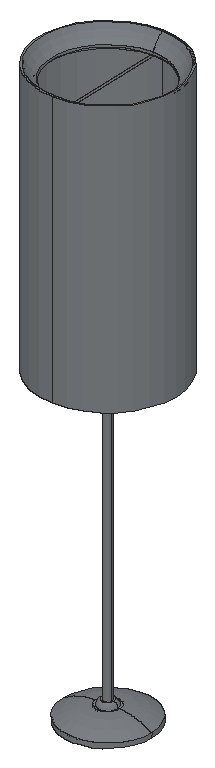
Revit family "LCC8LED-Pendant", category Lighting Fixtures, host Face, Revit 2012
Parameters (values of type "LCC8LED-Zet")
  Wattage Comments = ""  # constant formula
  Voltage = 120 V
  URL = "http://www.prescolite.com/"
  Product Page URL = ""
  Product Documentation Link = ""
  Photometric Web = Web LCC8LED : LCC8LEDS10L30K8WFL45
  Model = "LCC8LED"  # constant formula
  Manufacturer Phone = "864-678-1000"  # constant formula
  Manufacturer Fax = "866-898-0131"  # constant formula
  Manufacturer = "Prescolite"  # constant formula
  Load Classification = Lighting
  Length = 34.875"
  Lamp = "LED Lamp"
  Glass = Hubbell - White Glass
  Description = "8in LED Pendant Mount Cylinder"  # constant formula
  Default Elevation = 48.000"
  Backbox = Hubbell - Zet
  Apparent Load = 0 VA
Types (5): name | Photometric Web | Length | Backbox
  LCC8LED-Matte White | Web LCC8LED : LCC8LEDS10L30K8WFL45 | 34.875" | Hubbell - Matt White
  LCC8LED-Matte Black | Web LCC8LED : LCC8LEDS18L30K8WFL45 | 36.000" | Hubbell - Matte Black
  LCC8LED-Bronze | Web LCC8LED : LCC8LEDS10L30K8WFL45 | 34.875" | Hubbell - Bronze
  LCC8LED-Brushed Aluminium | Web LCC8LED : LCC8LEDS10L30K8WFL45 | 34.875" | Hubbell - Brushed Aluminum
  LCC8LED-Zet | Web LCC8LED : LCC8LEDS10L30K8WFL45 | 34.875" | Hubbell - Zet
Reference planes (in)
  plane 1 "Center (Front/Back)": y = 0.03999
  plane 2: z = 0
  plane 3 "Center (Left/Right)": x = -11.37583
  plane 4: z = 18.625
  plane 5: x = -7.31335
  plane 6: x = -14.00083
  plane 7: x = -8.75083
  plane 8: z = 34.875
  plane 9: x = -15.43832
Forms (in)
  Revolve 1, solid, material "Hubbell - Zet" <- "Backbox"
    sketch origin (0, 0.03999, 0) x (1, 0, 0) y (0, 0, 1)
      loop
        line (-11.37583, 0) -> (-11.37583, 1.1426) -> (-11.75412, 1.1426)
        arc (-11.75412, 1.1426) -> (-11.881, 1.01772) -> (-11.94926, 0.85331) r 0.44825
        line (-11.94926, 0.85331) -> (-12.09302, 0.85331)
        arc (-12.09302, 0.85331) -> (-13.08719, 0.71037) -> (-14.00083, 0.29316) r 3.52899
        line (-14.00083, 0.29316) -> (-14.00083, 0) -> (-11.37583, 0)
      axis (-11.37583, 1.1426) -> (-11.37583, 0)
    angle from 0 to 360
  Revolve 2, solid, material "Hubbell - Zet" <- "Backbox"
    sketch origin (0, 0.03999, 0) x (1, 0, 0) y (0, 0, 1)
      loop
        line (-11.37583, 1.1426) -> (-11.37583, 18.53257) -> (-11.60104, 18.53257) -> (-11.60104, 1.1426) -> (-11.37583, 1.1426)
      axis (-11.37583, 18.53257) -> (-11.37583, 1.1426)
    angle from 0 to 360
Lines and regions (in)
  reference lines
    curve 1: line (-17.26819, 0.03999, 0.29316) -> (-4.45571, 0.03999, 0.29316)
    curve 2: line (-17.26819, 0.03999, 1.1426) -> (-4.45571, 0.03999, 1.1426)
Dimensions and locks (in)
  equal spacing: plane 7, plane 3 "Center (Left/Right)", plane 6
  plane 7 to plane 6 = 5.250"
  "Length": plane 8 to host face
  plane 8 to plane 4 to host face = 16.250", 18.625"
  plane 9 to plane 5 = 8.12497"
  aligned and locked: host face to plane 2
  aligned and locked: level to host face
  aligned and locked: Revolve 1 sketch curve to plane 3 "Center (Left/Right)"  (x2)
  aligned and locked: Revolve 2 sketch curve to plane 3 "Center (Left/Right)"  (x2)
  aligned and locked: plane 6 to Revolve 1 sketch curve
  aligned and locked: plane 2 to Revolve 1 sketch curve
  aligned and locked: plane 3 "Center (Left/Right)" to nested 1
  aligned and locked: nested 1 to plane 1 "Center (Front/Back)"
  aligned and locked: plane 8 to nested 1
  aligned and locked: nested 2 to plane 3 "Center (Left/Right)"
  aligned and locked: nested 2 to plane 1 "Center (Front/Back)"
Automatic sketch dimensions
  host sketch curve to host sketch curve = 86.64098"
  host sketch curve to host sketch curve = 96.000"
  Revolve 2 sketch curve to level = 6.34243"
  Revolve 2 sketch curve to plane 4 = 2.15757"
  level to curve 2 = 1.1426"
  level to curve 1 = 0.29316"
  curve 2 to curve 1 = 0.000"  (x2)
  plane 5 to curve 2 = 2.85764"
  Revolve 1 sketch curve to plane 3 "Center (Left/Right)" = 0.71719"
  Revolve 1 sketch curve to Revolve 1 sketch curve = 0.14376"
  Revolve 1 sketch curve to Revolve 1 sketch curve = 0.19513"
  Revolve 1 sketch curve to plane 3 "Center (Left/Right)" = 0.13354"
  Revolve 1 sketch curve to level = 2.67569"
  Revolve 1 sketch curve to level = 0.50493"
  level to Revolve 1 sketch curve = 0.29316"
  Revolve 1 sketch curve to Revolve 1 sketch curve = 0.08624"
  Revolve 1 sketch curve to plane 4 = 0.8057"
  plane 4 to Revolve 2 sketch curve = 0.09243"
  Revolve 2 sketch curve to Revolve 2 sketch curve = 0.22521"
  level to Revolve 2 sketch curve = 1.1426"
  plane 9 to curve 1 = 1.82987"
Nested families (in)
  nested 1: "LCC8LED Retrofit" at (-11.33584, 11.41582, 18.53257) x (0, 1, 0) z (0, 0, 1), type "LCC8LED"
  nested 2: "Web LCC8LED" at (-11.61479, 0.07998, 33.8946) x (-1, 0, 0) z (0, 0, 1), type <- "Photometric Web", type "LCC8LEDS10L30K8WFL45"
Connectors (in)
  electrical at (-11.37583, 0.03999, 0), driven by "Voltage", driven by "Apparent Load", driven by "Load Classification"
    settings: on Revolve 1, index 1, voltage 120 V, apparent load 0 VA, apparent load phase1 0 VA, apparent load phase2 0 VA, apparent load phase3 0 VA, power factor 1, load classification "Lighting", number of poles 1, system type 30, power factor state 1, is connector primary yes, connector utility no, sub classification motor no, connector description "Lighting Conector"
Definition of nested family "LCC8LED Retrofit"
  Parameters (values of type "LCC8LED")
    Wattage Comments = "40W"
    Voltage = if(Is 120V, 120 V, 277 V)  # 120 V
    URL = "http://www.prescolite.com/"
    Product Page URL = ""
    Product Documentation Link = ""
    Model = "LCC8LED"  # constant formula
    Manufacturer Phone = "864-678-1000"  # constant formula
    Manufacturer Fax = "866-898-0131"  # constant formula
    Manufacturer = "Prescolite"  # constant formula
    Load Classification = Lighting
    Length = 36.000"
    Lamp = "LED Lamp"
    Is 277V = not(Is 120V)  # no
    Is 120V = yes
    Glass = Hubbell - Glass
    Description = "8 inch LED Pendant Mount Cylinder"  # constant formula
    Default Elevation = 48.000"
    Backbox = none
    Apparent Load = 40 VA
  Reference planes (in)
    plane 1 "Center (Front/Back)": y = 0.03999
    plane 2: z = 0
    plane 3 "Center (Left/Right)": x = -11.37583
    plane 4: z = 16.34243
    plane 5: z = 0.09243
    plane 6: x = -7.41333
    plane 7: x = -15.33833
    plane 8: z = 0.62135
    plane 9: x = -14.27583
    plane 10: x = -7.31333
    plane 11: x = -15.43833
  Forms (in)
    Extrusion 1, solid
      sketch origin (-7.08271, 0, 0.99853) x (1, 0, 0) y (0, 1, 0)
        loop
          line (-48, 48) -> (-48, -48) -> (48, -48) -> (48, 48) -> (-48, 48)
      from -0.99853 to -6.99853
    Revolve 2, solid, material <- "Backbox"
      sketch origin (0, 0.03999, -20.65757) x (1, 0, 0) y (0, 0, 1)
        loop
          line (-15.43833, 37) -> (-15.43833, 20.75) -> (-11.60104, 20.75) -> (-11.60104, 20.65757) -> (-11.37583, 20.65757) -> (-11.37583, 21.27892) -> (-15.33833, 21.27892) -> (-15.33833, 36.77135)
          arc (-15.33833, 36.77135) -> (-15.10872, 36.42214) -> (-14.82037, 36.1196) r 2.32841
          line (-14.82037, 36.1196) -> (-14.94477, 36.1196) -> (-14.94477, 35.85125) -> (-14.84477, 35.85125) -> (-14.84477, 36.0196) -> (-14.68833, 36.0196) -> (-14.68833, 36.1391)
          arc (-14.68833, 36.1391) -> (-15.06554, 36.52973) -> (-15.33707, 37) r 2.22841
          line (-15.33707, 37) -> (-15.43833, 37)
        axis (-11.37583, 37) -> (-11.37583, 20.65757)
      angle from 0 to 360
    Revolve 3, solid, material "Hubbell - Glass" <- "Glass"
      sketch origin (0, 0.03999, -20.65757) x (1, 0, 0) y (0, 0, 1)
        loop
          line (-14.84624, 36.0196) -> (-14.84624, 35.85125) -> (-11.37583, 35.85125) -> (-11.37583, 36.0196) -> (-14.84624, 36.0196)
        axis (-11.37583, 36.0196) -> (-11.37583, 35.85125)
      angle from 0 to 360
  Lines and regions (in)
    reference lines
      curve 1: line (-17.26819, 0.03999, 0.29316) -> (-5.51819, 0.03999, 0.29316)
      curve 2: line (-17.26819, 0.03999, 1.1426) -> (-5.51819, 0.03999, 1.1426)
  Dimensions and locks (in)
    plane 4 to plane 5 = 16.250"
    plane 7 to plane 6 = 7.925"
    locked: plane 8 to plane 5 at 0.52892
    plane 10 to plane 3 "Center (Left/Right)" = 4.0625"
    plane 11 to plane 10 = 8.125"
    equal spacing: plane 7, plane 3 "Center (Left/Right)", plane 6
    aligned and locked: Extrusion 1 to plane 2
    aligned and locked: level to Extrusion 1
  Automatic sketch dimensions
    Extrusion 1 sketch curve to Extrusion 1 sketch curve = 96.000"  (x2)
    Revolve 2 sketch curve to Revolve 2 sketch curve = 0.000"  (x2)
    Revolve 2 sketch curve to plane 5 = 0.000"
    plane 11 to Revolve 2 sketch curve = 0.000"
    plane 7 to Revolve 2 sketch curve = 0.000"
    Revolve 2 sketch curve to plane 4 = 0.000"
    Revolve 2 sketch curve to level = 0.000"
    Revolve 2 sketch curve to plane 3 "Center (Left/Right)" = 0.000"  (x2)
    Revolve 2 sketch curve to plane 8 = 0.000"
    Revolve 2 sketch curve to plane 7 = 0.00126"
    Revolve 2 sketch curve to plane 7 = 0.39357"
    Revolve 2 sketch curve to Revolve 2 sketch curve = 0.100"  (x2)
    Revolve 2 sketch curve to Revolve 2 sketch curve = 0.0244"
    Revolve 2 sketch curve to Revolve 2 sketch curve = 0.13204"
    Revolve 2 sketch curve to plane 9 = 0.98998"
    Revolve 2 sketch curve to Revolve 2 sketch curve = 0.22521"
    Revolve 2 sketch curve to level = 21.65425"
    Revolve 2 sketch curve to plane 4 = 1.14875"
    Revolve 2 sketch curve to Revolve 2 sketch curve = 0.16835"
    Revolve 2 sketch curve to Revolve 2 sketch curve = 0.11949"
    plane 4 to Revolve 2 sketch curve = 1.87832"
    Revolve 3 sketch curve to plane 3 "Center (Left/Right)" = 0.000"  (x2)
    Revolve 3 sketch curve to plane 7 = 0.4921"
    Revolve 3 sketch curve to plane 4 = 1.83875"
    Revolve 3 sketch curve to Revolve 3 sketch curve = 0.690"
    Revolve 3 sketch curve to Revolve 3 sketch curve = 0.16835"
    Revolve 3 sketch curve to Revolve 3 sketch curve = 0.4804"
    plane 11 to curve 2 = 1.82986"
    curve 1 to plane 5 = 0.20072"
    curve 2 to curve 1 = 0.000"  (x2)
    plane 10 to curve 2 = 1.79514"
    curve 1 to curve 2 = 0.84945"
Definition of nested family "Web LCC8LED"
  Parameters (values of type "LCC8LEDV2S30L35K8WFL45")
    Wattage Comments = ""
    Wattage = 42 W
    built-in parameter 1150110 = 1 (stored number, unit not read)
    URL = ""
    built-in parameter 1114217 = 1 (stored number, unit not read)
    Tilt Angle = -90.00°
    built-in parameter 1150109 = 1 (stored number, unit not read)
    built-in parameter 1150134 = (empty or 0)
    built-in parameter 1150113 = 1 (stored number, unit not read)
    Product Page URL = ""
    Product Documentation Link = ""
    Photometric Web File = "LCC8LEDV2S30L35K8WFL45.ies"
    Model = ""
    Manufacturer Phone = ""
    Manufacturer Fax = ""
    Manufacturer = ""
    built-in parameter 1150105 = 271.56 (stored number, unit not read)
    Lumens = 3412.5 lm
    built-in parameter 1150115 = 1 (stored number, unit not read)
    built-in parameter 1150137 = (empty or 0)
    built-in parameter 1150139 = (empty or 0)
    built-in parameter 1150112 = 1 (stored number, unit not read)
    built-in parameter 1150114 = 1 (stored number, unit not read)
    Lamp = ""
    built-in parameter 1150132 = (empty or 0)
    built-in parameter 1150102 = (empty or 0)
    built-in parameter 1150107 = 3000 (stored number, unit not read)
    built-in parameter 1150138 = (empty or 0)
    built-in parameter 1150106 = 2.7156 (stored number, unit not read)
    Emit from Circle Diameter = 7.000"  # constant formula
    Emit Shape Visible in Rendering = no
    built-in parameter 1150104 = 7.5484 (stored number, unit not read)
    Dimming Lamp Color Temperature Shift = (empty or 0)
    Description = ""
    Default Elevation = 48.000"
    Color Filter = 16777215
    built-in parameter 1114218 = 1 (stored number, unit not read)
    built-in parameter 1150133 = 10 (stored number, unit not read)
  Types (5): name | Wattage | Photometric Web File | built-in parameter 1150105 | Lumens | built-in parameter 1150106
    LCC8LEDS10L30K8WFL45 | 13.3 W | "LCC8LEDS10L30K8WFL45.ies" | 85.993 (stored number, unit not read) | 1080.62 lm | 0.85993 (stored number, unit not read)
    LCC8LEDS14L30K8WFL45 | 17.7 W | "LCC8LEDS14L30K8WFL45.ies" | 114.44 (stored number, unit not read) | 1438.12 lm | 1.1444 (stored number, unit not read)
    LCC8LEDS18L30K8WFL45 | 22 W | "LCC8LEDS18L30K8WFL45.ies" | 142.24 (stored number, unit not read) | 1787.5 lm | 1.4224 (stored number, unit not read)
    LCC8LEDS24L35K8WFL45 | 33 W | "LCC8LEDS24L35K8WFL45.ies" | 213.37 (stored number, unit not read) | 2681.25 lm | 2.1337 (stored number, unit not read)
    LCC8LEDV2S30L35K8WFL45 | 42 W | "LCC8LEDV2S30L35K8WFL45.ies" | 271.56 (stored number, unit not read) | 3412.5 lm | 2.7156 (stored number, unit not read)
  Reference planes (in)
    plane 1 "Center (Front/Back)": y = 0.03999
    plane 2: z = 0
    plane 3 "Center (Left/Right)": x = -0.23896
  Forms (in)
    Extrusion 1, solid
      sketch origin (0, 0, 0.06357) x (1, 0, 0) y (0, 1, 0)
        loop
          line (-48, 48) -> (-48, -48) -> (48, -48) -> (48, 48) -> (-48, 48)
      from -0.06357 to -6.06357
  Lines and regions (in)
    reference lines
      curve 1: line (-0.23896, 0.03999, 18.11448) -> (-0.23896, 0.03999, -22.88552)
      curve 2: line (-0.23896, 0.03999, 34) -> (-0.23896, 0.03999, -22.88552)
      curve 3: line (-0.23896, 29.03999, 0) -> (-0.23896, -29.96001, 0)
      curve 4: line (-37.23896, 0.03999, 0) -> (40.76104, 0.03999, 0)
  Dimensions and locks (in)
    aligned and locked: plane 2 to Extrusion 1
    aligned and locked: level to Extrusion 1
    aligned and locked: plane 3 "Center (Left/Right)" to imposter light
    aligned and locked: imposter light to plane 1 "Center (Front/Back)"
    aligned and locked: curve 1 to plane 3 "Center (Left/Right)"
    aligned and locked: plane 1 "Center (Front/Back)" to curve 2
    aligned and locked: curve 3 to plane 3 "Center (Left/Right)"
    aligned and locked: plane 1 "Center (Front/Back)" to curve 4
